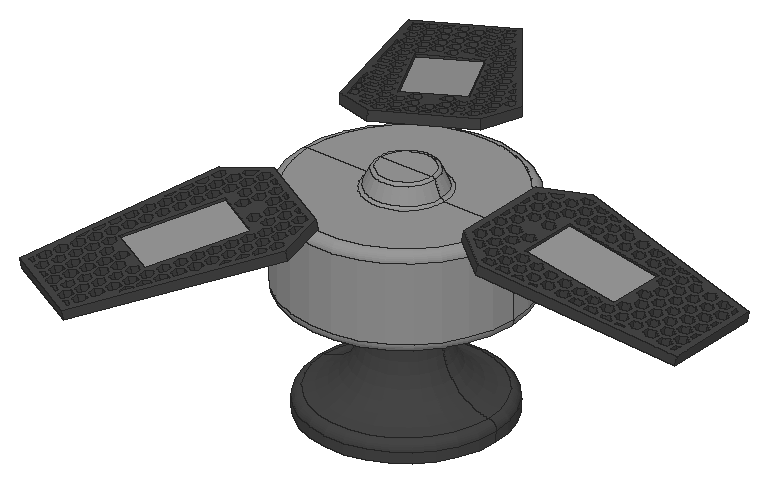
Revit family "Motion_Light", category Lighting Fixtures, host Face, Revit 2020
Family settings
  Host = Face
  Round Connector Dimension = Use Diameter
  Part Type = Normal
  OmniClass Number = 23.80.70.00
  OmniClass Title = Lighting
  Cut with Voids When Loaded = No
  Light Source = No
  Shared = No
  Room Calculation Point = No
Parameters
  Motion Light Type [instance] = Motion Light : Motion Light 2
  Material = Black Plastic
  Light Material = Light
  Default Elevation = 1219.2 mm
  Accent Material = White
Reference planes
  plane 1 "Center (Front/Back)": y = 0
  plane 2: z = 0
  plane 3 "Center (Left/Right)": x = 0
Dimensions and locks
  aligned and locked: plane 2 to host face
  aligned and locked: level to host face
  aligned and locked: plane 3 "Center (Left/Right)" to nested 1
  aligned and locked: nested 1 to plane 1 "Center (Front/Back)"
  aligned and locked: nested 1 to host face
Nested families
  nested 1: "Motion Light" at (0, 0, 0) x (1, 0, 0) z (0, 0, -1), Accent Material <- "Accent Material", Light Material <- "Light Material", Material <- "Material", type <- "Motion Light Type", type "Motion Light 2"
    with Material Black Plastic, Light Material Light, Accent Material White
Definition of nested family "Motion Light"
  Parameters (values of type "Motion Light 1")
    Motion Light 2 = yes
    Motion Light 1 = yes
    Material [instance] = none
    Light Material [instance] = none
    Default Elevation = 1219.2 mm
    Accent Material [instance] = none
  Types (3, lengths in mm): name | Motion Light 1
    (no name) | yes
    Motion Light 2 | no
    Motion Light 1 | yes
  Reference planes
    plane 1 "Center (Front/Back)": y = 0
    plane 2: z = 0
    plane 3 "Center (Left/Right)": x = 0
    plane 4: through (0, 0, 1200) normal (-0.866, -0.5, 0)
    plane 5: through (0, 0, 1200) normal (0.866, -0.5, 0)
    plane 6: z = -109.67
    plane 7: z = -99.67
    plane 8: through (43.949, -1524, -118.183) normal (-0.1736, 0, 0.9848)
  Forms (mm)
    Revolve 1, solid, material <- "Material", visible <- "Motion Light 2"
      sketch origin (0, 0, 0) x (1, 0, 0) y (0, 0, 1)
        loop
          line (0, -50.574) -> (0, -119.67) -> (13.913, -119.67)
          arc (13.913, -119.67) -> (14.987, -119.357) -> (15.725, -118.515) r 2
          line (15.725, -118.515) -> (19.311, -110.825)
          arc (19.311, -110.825) -> (20.049, -109.983) -> (21.124, -109.67) r 2
          line (21.124, -109.67) -> (54.85, -109.67)
          arc (54.85, -109.67) -> (58.385, -108.205) -> (59.85, -104.67) r 5
          line (59.85, -104.67) -> (59.85, -64.67)
          arc (59.85, -64.67) -> (58.385, -61.134) -> (54.85, -59.67) r 5
          line (54.85, -59.67) -> (14.85, -59.67) -> (11.982, -55.574) -> (11.982, -50.574) -> (0, -50.574)
        axis (0, -50.574) -> (0, -119.67)
      angle from 0 to 360
    Revolve 2, solid, material <- "Accent Material", visible <- "Motion Light 2"
      sketch origin (0, 0, 0) x (1, 0, 0) y (0, 0, 1)
        loop
          line (0, 0) -> (0, -45) -> (20, -45) -> (20, -40)
          arc (20, -40) -> (27.322, -20.36) -> (45.714, -10.308) r 30
          arc (45.714, -10.308) -> (48.78, -8.632) -> (50, -5.359) r 5
          line (50, -5.359) -> (50, 0) -> (0, 0)
        axis (0, 0) -> (0, -45)
      angle from 0 to 360
    Extrusion 3, solid, material <- "Material", visible <- "Motion Light 2"
      sketch origin (-14.7, 0, 10) x (1, 0, 0) y (0, 0, 1)
        loop
          line (74.35, -109.67) -> (74.35, -114.67) -> (80.047, -114.67)
          arc (80.047, -114.67) -> (82.547, -112.17) -> (80.047, -109.67) r 2.5
          line (80.047, -109.67) -> (74.35, -109.67)
        loop
          circle (80.047, -112.17) r 1.033
      from 2 to 4
    Extrusion 4, solid, material <- "Material", visible <- "Motion Light 2"
      sketch origin (-14.7, 0, 10) x (1, 0, 0) y (0, 0, -1)
        loop
          line (74.35, 109.67) -> (80.047, 109.67)
          arc (80.047, 109.67) -> (82.547, 112.17) -> (80.047, 114.67) r 2.5
          line (80.047, 114.67) -> (74.35, 114.67) -> (74.35, 109.67)
        loop
          circle (80.047, 112.17) r 1.033
      from 2 to 4
    Extrusion 5, solid, material <- "Accent Material", visible <- "Motion Light 2"
      sketch origin (-30.853, 0, -200.837) x (-0.177309, 0, 0.984155) y (-0.984155, 0, -0.177309)
        loop
          line (72.965, -109.67) -> (72.965, -114.67) -> (80.047, -114.67)
          arc (80.047, -114.67) -> (82.547, -112.17) -> (80.047, -109.67) r 2.5
          line (80.047, -109.67) -> (72.965, -109.67)
        loop
          circle (80.047, -112.17) r 1.033
      from -2 to 2
    Revolve 6, solid, material <- "Accent Material", visible <- "Motion Light 2"
      sketch origin (70.3, 0, -102.202) x (-1, 0, 0) y (0, -1, 0)
        loop
          line (4.953, -4.168) -> (4.953, 4.168)
          arc (4.953, 4.168) -> (4.425, 4.142) -> (3.92, 3.985) r 2.095
          line (3.92, 3.985) -> (3.92, -3.985)
          arc (3.92, -3.985) -> (4.425, -4.142) -> (4.953, -4.168) r 2.095
        axis (4.953, 4.168) -> (4.953, -4.168)
      angle from 0 to 360
    Extrusion 7, solid, material <- "Material", visible <- "Motion Light 2"
      sketch origin (7.35, -12.731, 10) x (-0.5, 0.866025, 0) y (0, 0, 1)
        loop
          line (74.35, -109.67) -> (74.35, -114.67) -> (80.047, -114.67)
          arc (80.047, -114.67) -> (82.547, -112.17) -> (80.047, -109.67) r 2.5
          line (80.047, -109.67) -> (74.35, -109.67)
        loop
          circle (80.047, -112.17) r 1.033
      from 2 to 4
    Extrusion 8, solid, material <- "Material", visible <- "Motion Light 2"
      sketch origin (7.35, -12.731, 10) x (-0.5, 0.866025, 0) y (0, 0, -1)
        loop
          line (74.35, 109.67) -> (80.047, 109.67)
          arc (80.047, 109.67) -> (82.547, 112.17) -> (80.047, 114.67) r 2.5
          line (80.047, 114.67) -> (74.35, 114.67) -> (74.35, 109.67)
        loop
          circle (80.047, 112.17) r 1.033
      from 2 to 4
    Extrusion 9, solid, material <- "Accent Material", visible <- "Motion Light 2"
      sketch origin (15.426, -26.719, -200.837) x (0.088654, -0.153554, 0.984155) y (0.492078, -0.852303, -0.177309)
        loop
          line (72.965, -109.67) -> (72.965, -114.67) -> (80.047, -114.67)
          arc (80.047, -114.67) -> (82.547, -112.17) -> (80.047, -109.67) r 2.5
          line (80.047, -109.67) -> (72.965, -109.67)
        loop
          circle (80.047, -112.17) r 1.033
      from -2 to 2
    Revolve 10, solid, material <- "Accent Material", visible <- "Motion Light 2"
      sketch origin (-35.15, 60.881, -102.202) x (0.5, -0.866025, 0) y (0.866025, 0.5, 0)
        loop
          line (4.953, -4.168) -> (4.953, 4.168)
          arc (4.953, 4.168) -> (4.425, 4.142) -> (3.92, 3.985) r 2.095
          line (3.92, 3.985) -> (3.92, -3.985)
          arc (3.92, -3.985) -> (4.425, -4.142) -> (4.953, -4.168) r 2.095
        axis (4.953, 4.168) -> (4.953, -4.168)
      angle from 0 to 360
    Extrusion 11, solid, material <- "Material", visible <- "Motion Light 2"
      sketch origin (7.35, 12.731, 10) x (-0.5, -0.866025, 0) y (0, 0, 1)
        loop
          line (74.35, -109.67) -> (74.35, -114.67) -> (80.047, -114.67)
          arc (80.047, -114.67) -> (82.547, -112.17) -> (80.047, -109.67) r 2.5
          line (80.047, -109.67) -> (74.35, -109.67)
        loop
          circle (80.047, -112.17) r 1.033
      from 2 to 4
    Extrusion 12, solid, material <- "Material", visible <- "Motion Light 2"
      sketch origin (7.35, 12.731, 10) x (-0.5, -0.866025, 0) y (0, 0, -1)
        loop
          line (74.35, 109.67) -> (80.047, 109.67)
          arc (80.047, 109.67) -> (82.547, 112.17) -> (80.047, 114.67) r 2.5
          line (80.047, 114.67) -> (74.35, 114.67) -> (74.35, 109.67)
        loop
          circle (80.047, 112.17) r 1.033
      from 2 to 4
    Extrusion 13, solid, material <- "Accent Material", visible <- "Motion Light 2"
      sketch origin (15.426, 26.719, -200.837) x (0.088654, 0.153554, 0.984155) y (0.492078, 0.852303, -0.177309)
        loop
          line (72.965, -109.67) -> (72.965, -114.67) -> (80.047, -114.67)
          arc (80.047, -114.67) -> (82.547, -112.17) -> (80.047, -109.67) r 2.5
          line (80.047, -109.67) -> (72.965, -109.67)
        loop
          circle (80.047, -112.17) r 1.033
      from -2 to 2
    Revolve 14, solid, material <- "Accent Material", visible <- "Motion Light 2"
      sketch origin (-35.15, -60.881, -102.202) x (0.5, 0.866025, 0) y (-0.866025, 0.5, 0)
        loop
          line (4.953, -4.168) -> (4.953, 4.168)
          arc (4.953, 4.168) -> (4.425, 4.142) -> (3.92, 3.985) r 2.095
          line (3.92, 3.985) -> (3.92, -3.985)
          arc (3.92, -3.985) -> (4.425, -4.142) -> (4.953, -4.168) r 2.095
        axis (4.953, 4.168) -> (4.953, -4.168)
      angle from 0 to 360
    Revolve 15, solid, material <- "Accent Material", visible <- "Motion Light 2"
      sketch origin (0, 0, 0) x (1, 0, 0) y (0, 0, 1)
        loop
          line (10, -45) -> (0, -45) -> (0, -50.574) -> (10, -50.574) -> (8.607, -49.18) -> (10, -47.787) -> (8.607, -46.393) -> (10, -45)
        axis (0, -45) -> (0, -50.574)
      angle from 0 to 360
  Dimensions and locks
    angle plane 4 to plane 5 = 120.00°
    angle plane 1 "Center (Front/Back)" to plane 4 = 120.00°
    angle plane 5 to plane 1 "Center (Front/Back)" = 120.00°
    aligned and locked: level to plane 2
  Nested families
    nested 1: "Led Panel" at (51.915, 0, -116.778) x (0, -1, 0) z (0, 0, 1), LED Material <- "Light Material", Material <- "Accent Material", visible <- "Motion Light 2", type "Led Panel"
      with Material none, LED Material none
    nested 2: "Led Panel" at (-25.957, 44.96, -116.778) x (0.866, 0.5, 0) z (0, 0, 1), LED Material <- "Light Material", Material <- "Accent Material", visible <- "Motion Light 2", type "Led Panel"
      with Material none, LED Material none
    nested 3: "Led Panel" at (-25.957, -44.96, -116.778) x (-0.866, 0.5, 0) z (0, 0, 1), LED Material <- "Light Material", Material <- "Accent Material", visible <- "Motion Light 2", type "Led Panel"
      with Material none, LED Material none
  Definition of nested family "Led Panel"
    Parameters (values of type "Led Panel")
      Material [instance] = none
      LED Material [instance] = none
      Default Elevation = 0 mm
    Reference planes
      plane 1 "Center (Front/Back)": y = 0
      plane 2: z = 0
      plane 3 "Center (Left/Right)": x = 0
    Forms (mm)
      Extrusion 1, solid, material <- "Material"
        sketch origin (0, 0, 0) x (1, 0, 0) y (0, 0.984808, 0.173648)
          loop
            line (-25, 120) -> (-40, 20) -> (-25, 0) -> (25, 0) -> (40, 20) -> (25, 120) -> (-25, 120)
        from 0 to 5
      Extrusion 2, void
        sketch origin (0, 0, 0) x (1, 0, 0) y (0, 0.984808, 0.173648)
          loop
            line (-1.732, 117) -> (-3.464, 114) -> (-1.732, 111) -> (1.732, 111) -> (3.464, 114) -> (1.732, 117) -> (-1.732, 117)
          loop
            line (-1.732, 109) -> (-3.464, 106) -> (-1.732, 103) -> (1.732, 103) -> (3.464, 106) -> (1.732, 109) -> (-1.732, 109)
          loop
            line (-1.732, 101) -> (-3.464, 98) -> (-1.732, 95) -> (1.732, 95) -> (3.464, 98) -> (1.732, 101) -> (-1.732, 101)
          loop
            line (-1.732, 93) -> (-3.464, 90) -> (-1.732, 87) -> (1.732, 87) -> (3.464, 90) -> (1.732, 93) -> (-1.732, 93)
          loop
            line (-1.732, 85) -> (-3.464, 82) -> (-1.732, 79) -> (1.732, 79) -> (3.464, 82) -> (1.732, 85) -> (-1.732, 85)
          loop
            line (-1.732, 13) -> (-3.464, 10) -> (-1.732, 7) -> (1.732, 7) -> (3.464, 10) -> (1.732, 13) -> (-1.732, 13)
          loop
            line (-1.732, 5) -> (-2.887, 3) -> (2.887, 3) -> (1.732, 5) -> (-1.732, 5)
          loop
            line (5.196, 113) -> (3.464, 110) -> (5.196, 107) -> (8.66, 107) -> (10.392, 110) -> (8.66, 113) -> (5.196, 113)
          loop
            line (5.196, 105) -> (3.464, 102) -> (5.196, 99) -> (8.66, 99) -> (10.392, 102) -> (8.66, 105) -> (5.196, 105)
          loop
            line (5.196, 97) -> (3.464, 94) -> (5.196, 91) -> (8.66, 91) -> (10.392, 94) -> (8.66, 97) -> (5.196, 97)
          loop
            line (5.196, 89) -> (3.464, 86) -> (5.196, 83) -> (8.66, 83) -> (10.392, 86) -> (8.66, 89) -> (5.196, 89)
          loop
            line (5.196, 25) -> (3.464, 22) -> (5.196, 19) -> (8.66, 19) -> (10.392, 22) -> (8.66, 25) -> (5.196, 25)
          loop
            line (5.196, 17) -> (3.464, 14) -> (5.196, 11) -> (8.66, 11) -> (10.392, 14) -> (8.66, 17) -> (5.196, 17)
          loop
            line (5.196, 9) -> (3.464, 6) -> (5.196, 3) -> (8.66, 3) -> (10.392, 6) -> (8.66, 9) -> (5.196, 9)
          loop
            line (12.124, 117) -> (10.392, 114) -> (12.124, 111) -> (15.588, 111) -> (17.321, 114) -> (15.588, 117) -> (12.124, 117)
          loop
            line (22.416, 117) -> (17.898, 117) -> (19.053, 115) -> (22.716, 115) -> (22.416, 117)
          loop
            line (12.124, 109) -> (10.392, 106) -> (12.124, 103) -> (15.588, 103) -> (17.321, 106) -> (15.588, 109) -> (12.124, 109)
          loop
            line (12.124, 101) -> (10.392, 98) -> (12.124, 95) -> (15.588, 95) -> (17.321, 98) -> (15.588, 101) -> (12.124, 101)
          loop
            line (12.124, 93) -> (10.392, 90) -> (12.124, 87) -> (15.588, 87) -> (17.321, 90) -> (15.588, 93) -> (12.124, 93)
          loop
            line (12.124, 85) -> (10.392, 82) -> (12.124, 79) -> (15.588, 79) -> (17.321, 82) -> (15.588, 85) -> (12.124, 85)
          loop
            line (12.124, 21) -> (10.392, 18) -> (12.124, 15) -> (15.588, 15) -> (17.321, 18) -> (15.588, 21) -> (12.124, 21)
          loop
            line (12.124, 13) -> (10.392, 10) -> (12.124, 7) -> (15.588, 7) -> (17.321, 10) -> (15.588, 13) -> (12.124, 13)
          loop
            line (12.124, 5) -> (10.97, 3) -> (16.743, 3) -> (15.588, 5) -> (12.124, 5)
          loop
            line (19.053, 113) -> (17.321, 110) -> (19.053, 107) -> (22.517, 107) -> (23.628, 108.924) -> (23.192, 111.831) -> (22.517, 113) -> (19.053, 113)
          loop
            line (19.053, 105) -> (17.321, 102) -> (19.053, 99) -> (22.517, 99) -> (24.249, 102) -> (22.517, 105) -> (19.053, 105)
          loop
            line (19.053, 97) -> (17.321, 94) -> (19.053, 91) -> (22.517, 91) -> (24.249, 94) -> (22.517, 97) -> (19.053, 97)
          loop
            line (19.053, 89) -> (17.321, 86) -> (19.053, 83) -> (22.517, 83) -> (24.249, 86) -> (22.517, 89) -> (19.053, 89)
          loop
            line (19.053, 81) -> (17.321, 78) -> (19.053, 75) -> (22.517, 75) -> (24.249, 78) -> (22.517, 81) -> (19.053, 81)
          loop
            line (19.053, 73) -> (17.321, 70) -> (19.053, 67) -> (22.517, 67) -> (24.249, 70) -> (22.517, 73) -> (19.053, 73)
          loop
            line (19.053, 65) -> (17.321, 62) -> (19.053, 59) -> (22.517, 59) -> (24.249, 62) -> (22.517, 65) -> (19.053, 65)
          loop
            line (19.053, 57) -> (17.321, 54) -> (19.053, 51) -> (22.517, 51) -> (24.249, 54) -> (22.517, 57) -> (19.053, 57)
          loop
            line (19.053, 49) -> (17.321, 46) -> (19.053, 43) -> (22.517, 43) -> (24.249, 46) -> (22.517, 49) -> (19.053, 49)
          loop
            line (19.053, 41) -> (17.321, 38) -> (19.053, 35) -> (22.517, 35) -> (24.249, 38) -> (22.517, 41) -> (19.053, 41)
          loop
            line (19.053, 33) -> (17.321, 30) -> (19.053, 27) -> (22.517, 27) -> (24.249, 30) -> (22.517, 33) -> (19.053, 33)
          loop
            line (19.053, 25) -> (17.321, 22) -> (19.053, 19) -> (22.517, 19) -> (24.249, 22) -> (22.517, 25) -> (19.053, 25)
          loop
            line (19.053, 17) -> (17.321, 14) -> (19.053, 11) -> (22.517, 11) -> (24.249, 14) -> (22.517, 17) -> (19.053, 17)
          loop
            line (19.053, 9) -> (17.321, 6) -> (19.053, 3) -> (22.517, 3) -> (24.249, 6) -> (22.517, 9) -> (19.053, 9)
          loop
            line (26.009, 93.049) -> (24.249, 90) -> (25.981, 87) -> (26.916, 87) -> (26.009, 93.049)
          loop
            line (25.981, 85) -> (24.249, 82) -> (25.981, 79) -> (28.116, 79) -> (27.216, 85) -> (25.981, 85)
          loop
            line (25.981, 77) -> (24.249, 74) -> (25.981, 71) -> (29.316, 71) -> (28.416, 77) -> (25.981, 77)
          loop
            line (25.981, 69) -> (24.249, 66) -> (25.981, 63) -> (29.445, 63) -> (30.295, 64.473) -> (29.616, 69) -> (25.981, 69)
          loop
            line (25.981, 61) -> (24.249, 58) -> (25.981, 55) -> (29.445, 55) -> (31.177, 58) -> (29.445, 61) -> (25.981, 61)
          loop
            line (25.981, 53) -> (24.249, 50) -> (25.981, 47) -> (29.445, 47) -> (31.177, 50) -> (29.445, 53) -> (25.981, 53)
          loop
            line (25.981, 45) -> (24.249, 42) -> (25.981, 39) -> (29.445, 39) -> (31.177, 42) -> (29.445, 45) -> (25.981, 45)
          loop
            line (25.981, 37) -> (24.249, 34) -> (25.981, 31) -> (29.445, 31) -> (31.177, 34) -> (29.445, 37) -> (25.981, 37)
          loop
            line (25.981, 29) -> (24.249, 26) -> (25.981, 23) -> (29.445, 23) -> (31.177, 26) -> (29.445, 29) -> (25.981, 29)
          loop
            line (25.981, 21) -> (24.249, 18) -> (25.981, 15) -> (29.445, 15) -> (31.177, 18) -> (29.445, 21) -> (25.981, 21)
          loop
            line (25.981, 13) -> (24.249, 10) -> (26.207, 6.609) -> (30.121, 11.828) -> (29.445, 13) -> (25.981, 13)
          loop
            line (32.677, 48.598) -> (31.177, 46) -> (32.672, 43.41) -> (33.455, 43.41) -> (32.677, 48.598)
          loop
            line (32.909, 41) -> (31.177, 38) -> (32.909, 35) -> (34.716, 35) -> (33.816, 41) -> (32.909, 41)
          loop
            line (32.909, 33) -> (31.177, 30) -> (32.909, 27) -> (35.916, 27) -> (35.016, 33) -> (32.909, 33)
          loop
            line (32.909, 25) -> (31.177, 22) -> (32.909, 19) -> (35.5, 19) -> (36.847, 20.796) -> (36.216, 25) -> (32.909, 25)
          loop
            line (-5.196, 113) -> (-8.66, 113) -> (-10.392, 110) -> (-8.66, 107) -> (-5.196, 107) -> (-3.464, 110) -> (-5.196, 113)
          loop
            line (-5.196, 105) -> (-8.66, 105) -> (-10.392, 102) -> (-8.66, 99) -> (-5.196, 99) -> (-3.464, 102) -> (-5.196, 105)
          loop
            line (-5.196, 97) -> (-8.66, 97) -> (-10.392, 94) -> (-8.66, 91) -> (-5.196, 91) -> (-3.464, 94) -> (-5.196, 97)
          loop
            line (-5.196, 89) -> (-8.66, 89) -> (-10.392, 86) -> (-8.66, 83) -> (-5.196, 83) -> (-3.464, 86) -> (-5.196, 89)
          loop
            line (-5.196, 25) -> (-8.66, 25) -> (-10.392, 22) -> (-8.66, 19) -> (-5.196, 19) -> (-3.464, 22) -> (-5.196, 25)
          loop
            line (-5.196, 17) -> (-8.66, 17) -> (-10.392, 14) -> (-8.66, 11) -> (-5.196, 11) -> (-3.464, 14) -> (-5.196, 17)
          loop
            line (-5.196, 9) -> (-8.66, 9) -> (-10.392, 6) -> (-8.66, 3) -> (-5.196, 3) -> (-3.464, 6) -> (-5.196, 9)
          loop
            line (-12.124, 117) -> (-15.588, 117) -> (-17.321, 114) -> (-15.588, 111) -> (-12.124, 111) -> (-10.392, 114) -> (-12.124, 117)
          loop
            line (-12.124, 109) -> (-15.588, 109) -> (-17.321, 106) -> (-15.588, 103) -> (-12.124, 103) -> (-10.392, 106) -> (-12.124, 109)
          loop
            line (-12.124, 101) -> (-15.588, 101) -> (-17.321, 98) -> (-15.588, 95) -> (-12.124, 95) -> (-10.392, 98) -> (-12.124, 101)
          loop
            line (-12.124, 93) -> (-15.588, 93) -> (-17.321, 90) -> (-15.588, 87) -> (-12.124, 87) -> (-10.392, 90) -> (-12.124, 93)
          loop
            line (-12.124, 85) -> (-15.588, 85) -> (-17.321, 82) -> (-15.588, 79) -> (-12.124, 79) -> (-10.392, 82) -> (-12.124, 85)
          loop
            line (-12.124, 21) -> (-15.588, 21) -> (-17.321, 18) -> (-15.588, 15) -> (-12.124, 15) -> (-10.392, 18) -> (-12.124, 21)
          loop
            line (-12.124, 13) -> (-15.588, 13) -> (-17.321, 10) -> (-15.588, 7) -> (-12.124, 7) -> (-10.392, 10) -> (-12.124, 13)
          loop
            line (-12.124, 5) -> (-15.588, 5) -> (-16.743, 3) -> (-10.97, 3) -> (-12.124, 5)
          loop
            line (-19.053, 113) -> (-22.517, 113) -> (-23.192, 111.831) -> (-23.628, 108.924) -> (-22.517, 107) -> (-19.053, 107) -> (-17.321, 110) -> (-19.053, 113)
          loop
            line (-19.053, 105) -> (-22.517, 105) -> (-24.249, 102) -> (-22.517, 99) -> (-19.053, 99) -> (-17.321, 102) -> (-19.053, 105)
          loop
            line (-19.053, 97) -> (-22.517, 97) -> (-24.249, 94) -> (-22.517, 91) -> (-19.053, 91) -> (-17.321, 94) -> (-19.053, 97)
          loop
            line (-19.053, 89) -> (-22.517, 89) -> (-24.249, 86) -> (-22.517, 83) -> (-19.053, 83) -> (-17.321, 86) -> (-19.053, 89)
          loop
            line (-19.053, 81) -> (-22.517, 81) -> (-24.249, 78) -> (-22.517, 75) -> (-19.053, 75) -> (-17.321, 78) -> (-19.053, 81)
          loop
            line (-19.053, 73) -> (-22.517, 73) -> (-24.249, 70) -> (-22.517, 67) -> (-19.053, 67) -> (-17.321, 70) -> (-19.053, 73)
          loop
            line (-19.053, 65) -> (-22.517, 65) -> (-24.249, 62) -> (-22.517, 59) -> (-19.053, 59) -> (-17.321, 62) -> (-19.053, 65)
          loop
            line (-19.053, 57) -> (-22.517, 57) -> (-24.249, 54) -> (-22.517, 51) -> (-19.053, 51) -> (-17.321, 54) -> (-19.053, 57)
          loop
            line (-19.053, 49) -> (-22.517, 49) -> (-24.249, 46) -> (-22.517, 43) -> (-19.053, 43) -> (-17.321, 46) -> (-19.053, 49)
          loop
            line (-19.053, 41) -> (-22.517, 41) -> (-24.249, 38) -> (-22.517, 35) -> (-19.053, 35) -> (-17.321, 38) -> (-19.053, 41)
          loop
            line (-19.053, 33) -> (-22.517, 33) -> (-24.249, 30) -> (-22.517, 27) -> (-19.053, 27) -> (-17.321, 30) -> (-19.053, 33)
          loop
            line (-19.053, 25) -> (-22.517, 25) -> (-24.249, 22) -> (-22.517, 19) -> (-19.053, 19) -> (-17.321, 22) -> (-19.053, 25)
          loop
            line (-19.053, 17) -> (-22.517, 17) -> (-24.249, 14) -> (-22.517, 11) -> (-19.053, 11) -> (-17.321, 14) -> (-19.053, 17)
          loop
            line (-19.053, 9) -> (-22.517, 9) -> (-24.249, 6) -> (-22.517, 3) -> (-19.053, 3) -> (-17.321, 6) -> (-19.053, 9)
          loop
            line (-26.009, 93.049) -> (-26.916, 87) -> (-25.981, 87) -> (-24.249, 90) -> (-26.009, 93.049)
          loop
            line (-25.981, 85) -> (-27.216, 85) -> (-28.116, 79) -> (-25.981, 79) -> (-24.249, 82) -> (-25.981, 85)
          loop
            line (-25.981, 77) -> (-28.416, 77) -> (-29.316, 71) -> (-25.981, 71) -> (-24.249, 74) -> (-25.981, 77)
          loop
            line (-25.981, 69) -> (-29.616, 69) -> (-30.295, 64.473) -> (-29.445, 63) -> (-25.981, 63) -> (-24.249, 66) -> (-25.981, 69)
          loop
            line (-25.981, 61) -> (-29.445, 61) -> (-31.177, 58) -> (-29.445, 55) -> (-25.981, 55) -> (-24.249, 58) -> (-25.981, 61)
          loop
            line (-25.981, 53) -> (-29.445, 53) -> (-31.177, 50) -> (-29.445, 47) -> (-25.981, 47) -> (-24.249, 50) -> (-25.981, 53)
          loop
            line (-25.981, 45) -> (-29.445, 45) -> (-31.177, 42) -> (-29.445, 39) -> (-25.981, 39) -> (-24.249, 42) -> (-25.981, 45)
          loop
            line (-25.981, 37) -> (-29.445, 37) -> (-31.177, 34) -> (-29.445, 31) -> (-25.981, 31) -> (-24.249, 34) -> (-25.981, 37)
          loop
            line (-25.981, 29) -> (-29.445, 29) -> (-31.177, 26) -> (-29.445, 23) -> (-25.981, 23) -> (-24.249, 26) -> (-25.981, 29)
          loop
            line (-25.981, 21) -> (-29.445, 21) -> (-31.177, 18) -> (-29.445, 15) -> (-25.981, 15) -> (-24.249, 18) -> (-25.981, 21)
          loop
            line (-25.981, 13) -> (-29.445, 13) -> (-30.121, 11.828) -> (-26.207, 6.609) -> (-24.249, 10) -> (-25.981, 13)
          loop
            line (-32.677, 48.598) -> (-33.455, 43.41) -> (-32.672, 43.41) -> (-31.177, 46) -> (-32.677, 48.598)
          loop
            line (-32.909, 41) -> (-33.816, 41) -> (-34.716, 35) -> (-32.909, 35) -> (-31.177, 38) -> (-32.909, 41)
          loop
            line (-32.909, 33) -> (-35.016, 33) -> (-35.916, 27) -> (-32.909, 27) -> (-31.177, 30) -> (-32.909, 33)
          loop
            line (-32.909, 25) -> (-36.216, 25) -> (-36.847, 20.796) -> (-35.5, 19) -> (-32.909, 19) -> (-31.177, 22) -> (-32.909, 25)
          loop
            line (4.041, 117) -> (5.196, 115) -> (8.66, 115) -> (9.815, 117) -> (4.041, 117)
          loop
            line (-9.815, 117) -> (-8.66, 115) -> (-5.196, 115) -> (-4.041, 117) -> (-9.815, 117)
          loop
            line (-22.716, 115) -> (-19.053, 115) -> (-17.898, 117) -> (-22.416, 117) -> (-22.716, 115)
        from 0 to 10
      Extrusion 3, solid, material <- "LED Material"
        sketch origin (0, -0.868, 4.924) x (1, 0, 0) y (0, 0.984808, 0.173648)
          loop
            line (15.588, 77) -> (-15.588, 77) -> (-15.588, 27) -> (15.588, 27) -> (15.588, 77)
        from -3 to -4
      Extrusion 4, void
        sketch origin (0, -0.868, 4.924) x (1, 0, 0) y (0, 0.984808, 0.173648)
          loop
            line (15.588, 77) -> (-15.588, 77) -> (-15.588, 27) -> (15.588, 27) -> (15.588, 77)
        from -3 to -6
    Cuts and joins
      Extrusion 2, Extrusion 4 cuts Extrusion 1
    Dimensions and locks
      aligned and locked: level to plane 2
